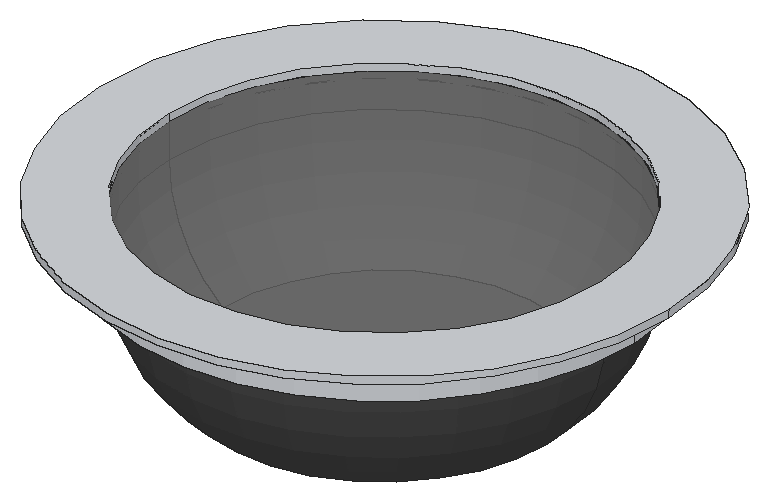
Revit family "3031800 Lighting Fixture_Sylvania_Syl-Lighter II_Ceiling Recessed", category Lighting Fixtures, host Face, Revit 2017
Family settings
  Host = Face
  Round Connector Dimension = Use Diameter
  Part Type = Normal
  OmniClass Number = 23.80.70.11.17
  OmniClass Title = Specialized Lighting by Location or Use
  Cut with Voids When Loaded = No
  Light Source = Yes
  Shared = No
  Room Calculation Point = No
Parameters (values of type "Syl-Lighter LED II 165 RO 12W WW")
  Weight = 0.45 kg
  Wattage = 10.6122 W
  built-in parameter 1150110 = 1 (stored number, unit not read)
  Voltage Comments = "UNV (Universal Voltage; 220-240 Volt)"  # constant formula
  Voltage = 240 V  # constant formula
  URL = "http://www.sylvania-lighting.com"
  built-in parameter 1114217 = 1 (stored number, unit not read)
  Tilt Angle = -90.00°  # constant formula
  built-in parameter 1150109 = 1 (stored number, unit not read)
  built-in parameter 1150134 = (empty or 0)
  Ta Rating = "-10°C to +40°C"  # constant formula
  built-in parameter 1150113 = 1 (stored number, unit not read)
  Recessed Depth = Height  # 45.0 mm
  IP Rating = "IP44"  # constant formula
  IK Rating = "IK07"  # constant formula
  Energy Class = "A++, A+, A"  # constant formula
  Dimmable = "N/A"  # constant formula
  Catalog Number = "3031800 Syl-Lighter LED II 165 RO 12W WW"
  Body Material = Metal_Sylvania_Syl-Lighter LED II_Silver
  Product Page URL = "http://www.sylvania-lighting.com/product/en-int/products/3031800"
  Product Family = "SYL-LIGHTER LED II"  # constant formula
  Photometry Comments = ""
  Photometric Web File = "3031800_Syl-Lighter165LED12WWW-182010.ies"
  built-in parameter 1150105 = 587.84 (stored number, unit not read)
  Lumens = 1047 lm
  built-in parameter 1150115 = 1 (stored number, unit not read)
  built-in parameter 1150137 = (empty or 0)
  built-in parameter 1150139 = (empty or 0)
  Life = "50 000h"  # constant formula
  built-in parameter 1150112 = 1 (stored number, unit not read)
  built-in parameter 1150114 = 1 (stored number, unit not read)
  Lamp Comments = "Integrated LED"
  built-in parameter 1150132 = 2
  built-in parameter 1150102 = (empty or 0)
  built-in parameter 1150107 = 3000 (stored number, unit not read)
  built-in parameter 1150138 = (empty or 0)
  built-in parameter 1150106 = 5.8784 (stored number, unit not read)
  Glow Wire Test = 650 °C  # constant formula
  Emit from Circle Diameter = Diffuser Diameter  # 125.0 mm
  Emit Shape Visible in Rendering = no
  built-in parameter 1150104 = 9.1658 (stored number, unit not read)
  Drive Current = "300mA"
  Dimming Lamp Color Temperature Shift = <None>
  Diffuser Radius = Diffuser Diameter / 2  # 62.5 mm
  Diffuser Diameter = Diameter - 20.0 mm  # 125.0 mm
  Inner Diameter = Diameter - 4.0 mm  # 141.0 mm
  Cutout Diameter = Diameter  # 145.0 mm
  Color Filter = 16777215
  Beam Angle = 74.00°
  built-in parameter 1114218 = 1 (stored number, unit not read)
  built-in parameter 1150133 = 10 (stored number, unit not read)
  Height = 45.0 mm
  Electrical Protection = "CLASS II"  # constant formula
  built-in parameter 1114216 [instance] = 1 (stored number, unit not read)
  Model = "Syl-Lighter LED II 165 RO 12W WW"
  Manufacturer = "Feilo Sylvania"  # constant formula
  Lamp = "LED"
  Diffuser Material = Polycarbonate_Sylvania_Syl-Lighter LED II_Opal
  Description = "Syl-Lighter LED II is available in 4 different round body sizes: 165mm, 195mm, 220mm & 240mm Syl-Lighter LED II 165 12W delivers a 1,134 lumen output (4,000K) - perfect for 1x26W CFL replacement Syl-Lighter LED II 195 15W delivers a 1,480 lumen output (4,000K) - perfect for 1x32W/2x18W CFL replacement Syl-Lighter LED II 220 21W delivers a 1,989 lumen output (4,000K) - perfect for 1x42W CFL replacement Syl-Lighter LED II 240 25W delivers a 2,289 lumen output (4,000K)- perfect for 2x26W CFL replacement High efficacy up to 99lm/W (Syl-Lighter LED II 195 4,000K) IP44 rating allows for installation in applicable wet zone areas Choice of 3,000K (warm white) or 4,000K (neutral white) Shallow recess depth of <65mm Can replace existing large CFL downlights using a 225mm ceiling cut out (Syl-Lighter LED II 240) Energy efficient electronic gear including analogue 1-10V and DALI dimmable options IK07 polycarbonate diffuser allows for a wider light distribution than a reflector downlight, allowing for increased spacings between luminaires 3 hour emergency pack available (to be ordered in addition to the luminaire) Ideal for applications such as corridors, public WCs and back of house areas Quick and easy to install Loop in-Loop out facility with red push fit terminal block for quick wiring White bezel (RAL 9003) Energy Class: A++, A+, A Long lifetime: 50,000 hours life at L70 (L80: 30,000 hours, L90: 15,000 hours)"  # constant formula
  Default Elevation = 0.0 mm
  built-in parameter 1140040 [instance] = 1
  Assembly Code = "D5020200"
  Apparent Load Comments = ""
  Apparent Load = 12 VA
  Accessory Radius = Accessory Diameter / 2  # 82.5 mm
  Accessory Material = Aluminum_Sylvania_Syl-Lighter LED II_White_RAL 9003
  Diameter = 145.0 mm
  Accessory Diameter = 165.0 mm
Reference planes
  plane 1 "Center (Front/Back)": y = 0
  plane 2: z = 0
  plane 3 "Center (Left/Right)": x = 0
  plane 4 "Fixture Bottom": z = 2
  plane 5: z = -10
  plane 6 "Fixture Top": z = -45
  plane 7: z = -2
Forms (mm)
  Extrusion 1, void
    sketch origin (0, 0, 58) x (-1, 0, 0) y (0, -1, 0)
      loop
        circle (0, 0) r 72.5
    from -171 to -55
  Extrusion 2, solid, detail levels fine
    sketch origin (0, 0, 58) x (-1, 0, 0) y (0, -1, 0)
      loop
        circle (0, 0) r 72.5
      loop
        circle (0, 0) r 70.5
    from -68 to -58
  Extrusion 3, solid, detail levels fine
    sketch origin (0, 0, 58) x (-1, 0, 0) y (0, -1, 0)
      loop
        circle (0, 0) r 82.5
      loop
        circle (0, 0) r 62.5
    from -58 to -56
  Extrusion 4, solid, material "Polycarbonate_Sylvania_Syl-Lighter LED II_Opal" <- "Diffuser Material", detail levels fine
    sketch origin (0, 0, 58) x (-1, 0, 0) y (0, -1, 0)
      loop
        circle (0, 0) r 62.5
    from -60 to -58
  Revolve 5, solid, material "Metal_Sylvania_Syl-Lighter LED II_Silver" <- "Body Material", detail levels fine
    sketch origin (0, 0, 0) x (1, 0, 0) y (0, 0, 1)
      loop
        line (-62.5, 0) -> (-64.5, 0) -> (-64.5, -10)
        arc (-64.5, -10) -> (-60.025, -29.455) -> (-47.5, -45) r 44.529
        line (-47.5, -45) -> (0, -45) -> (0, -43) -> (-46.799, -43)
        arc (-46.799, -43) -> (-58.375, -28.272) -> (-62.5, -10) r 42.529
        line (-62.5, -10) -> (-62.5, 0)
      axis (0, -45) -> (0, 0)
    angle from 0 to 360
  Revolve 6, solid, material "Aluminum_Sylvania_Syl-Lighter LED II_White_RAL 9003" <- "Accessory Material", detail levels coarse+medium
    sketch origin (0, 0, 0) x (1, 0, 0) y (0, 0, 1)
      loop
        line (-82.5, 2) -> (-82.5, 0) -> (-75, 0) -> (-75, -10) -> (-67, -10)
        arc (-67, -10) -> (-62.525, -29.455) -> (-50, -45) r 44.529
        line (-50, -45) -> (0, -45) -> (0, 2) -> (-82.5, 2)
      axis (0, 2) -> (0, -45)
    angle from 0 to 360
Cuts and joins
  joined: Extrusion 2, Extrusion 3
Lines and regions (mm)
  Masking region 1
    outline origin (0, 0, 58) x (-1, 0, 0) y (0, -1, 0)
      loop
        circle (0, 0) r 82.5
  symbolic lines, detail levels fine
    curve 1: arc (-62.5, 0, 58) -> (0, 62.5, 58) -> (62.5, 0, 58) r 62.5
    curve 2: arc (62.5, 0, 58) -> (0, -62.5, 58) -> (-62.5, 0, 58) r 62.5
Dimensions and locks
  locked: plane 4 "Fixture Bottom" to plane 2 at 2
  locked: plane 2 to plane 5 at 10
  "Height": plane 2 to plane 6 "Fixture Top"
  locked: plane 2 to plane 7 at 2
  "Diffuser Radius": plane 3 "Center (Left/Right)" to Revolve 5 sketch curve
  locked: Revolve 5 sketch curve to Revolve 5 sketch curve at 2
  locked: Revolve 5 sketch curve to Revolve 5 sketch curve at 15
  "Accessory Radius": plane 3 "Center (Left/Right)" to Revolve 6 sketch curve
  Revolve 6 sketch curve to Revolve 6 sketch curve to Revolve 6 sketch curve to Revolve 6 sketch curve = 7.5 mm locked, 8.0 mm locked, 17.0 mm locked
  "Cutout Diameter": diameter of Extrusion 1 sketch curve
  "Diameter": diameter of Extrusion 2 sketch curve
  "Inner Diameter": diameter of Extrusion 2 sketch curve
  "Accessory Diameter": diameter of Extrusion 3 sketch curve
  "Diffuser Diameter": diameter of Extrusion 3 sketch curve
  "Diffuser Diameter": diameter of Extrusion 4 sketch curve
  "Accessory Diameter": diameter of Masking region 1 sketch curve
  aligned and locked: host face to plane 2
  aligned and locked: host face to level
  aligned and locked: plane 4 "Fixture Bottom" to Extrusion 3
  aligned and locked: Extrusion 3 to plane 2
  aligned and locked: Extrusion 2 to plane 5
  aligned and locked: plane 2 to Extrusion 2
  aligned and locked: Extrusion 4 to plane 7
  aligned and locked: plane 2 to Extrusion 4
  aligned and locked: Revolve 5 sketch curve to plane 2
  aligned and locked: plane 5 to Revolve 5 sketch curve  (x2)
  aligned and locked: Revolve 5 sketch curve to plane 3 "Center (Left/Right)"
  aligned and locked: plane 3 "Center (Left/Right)" to Revolve 5 sketch curve
  aligned and locked: Revolve 6 sketch curve to plane 5
  aligned and locked: Revolve 6 sketch curve to plane 2
  aligned and locked: Revolve 6 sketch curve to plane 4 "Fixture Bottom"
  aligned and locked: plane 3 "Center (Left/Right)" to Revolve 6 sketch curve
  aligned and locked: Revolve 6 sketch curve to plane 3 "Center (Left/Right)"
  aligned and locked: plane 3 "Center (Left/Right)" to imposter light
  aligned and locked: imposter light to plane 1 "Center (Front/Back)"
  aligned and locked: imposter light to plane 4 "Fixture Bottom"
  aligned and locked: curve 1 to cut or joined group of Extrusion 2, Extrusion 3
Automatic sketch dimensions
  host sketch curve to host sketch curve = 700.0 mm
  host sketch curve to host sketch curve = 620.0 mm
  plane 1 "Center (Front/Back)" to Extrusion 1 sketch curve = 0.0 mm
  Extrusion 1 sketch curve to plane 3 "Center (Left/Right)" = 0.0 mm
  Extrusion 2 sketch curve to Extrusion 2 sketch curve = 0.0 mm  (x2)
  plane 1 "Center (Front/Back)" to Extrusion 2 sketch curve = 0.0 mm
  Extrusion 2 sketch curve to plane 3 "Center (Left/Right)" = 0.0 mm
  Extrusion 3 sketch curve to Extrusion 3 sketch curve = 0.0 mm  (x2)
  plane 1 "Center (Front/Back)" to Extrusion 3 sketch curve = 0.0 mm
  Extrusion 3 sketch curve to plane 3 "Center (Left/Right)" = 0.0 mm
  plane 1 "Center (Front/Back)" to Extrusion 4 sketch curve = 0.0 mm
  Extrusion 4 sketch curve to plane 3 "Center (Left/Right)" = 0.0 mm
  Revolve 5 sketch curve to Revolve 5 sketch curve = 0.0 mm
  Revolve 5 sketch curve to plane 6 "Fixture Top" = 0.0 mm
  plane 6 "Fixture Top" to Revolve 5 sketch curve = 2.0 mm
  Revolve 5 sketch curve to Revolve 5 sketch curve = 17.111 mm
  plane 4 "Fixture Bottom" to Revolve 5 sketch curve = 20.889 mm
  Revolve 6 sketch curve to plane 6 "Fixture Top" = 0.0 mm
  Revolve 6 sketch curve to plane 6 "Fixture Top" = 63.885 mm
  Revolve 6 sketch curve to Revolve 6 sketch curve = 84.115 mm
  plane 1 "Center (Front/Back)" to Masking region 1 sketch curve = 0.0 mm
  Masking region 1 sketch curve to plane 3 "Center (Left/Right)" = 0.0 mm
Connectors
  electrical at (0, 0, -45), driven by "Apparent Load", driven by "Voltage"
    settings: on Revolve 5, index 1, voltage 240 V, apparent load 0 VA, apparent load phase1 12 VA, apparent load phase2 0 VA, apparent load phase3 0 VA, power factor 1, load classification "Lighting", number of poles 1, system type 31, power factor state 1, is connector primary yes, connector utility no, sub classification motor no, connector description ""
